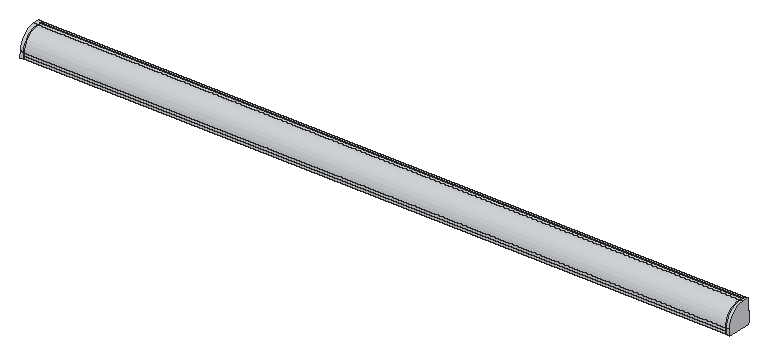
Revit family "Alcon-15255-Revit-Family", category Generic Models, host Face, Revit 2025
Family settings
  Host = Face
  Can host rebar = No
  Round Connector Dimension = Use Diameter
  Part Type = Normal
  Cut with Voids When Loaded = No
  Maintain Annotation Orientation = No
  Shared = No
  Room Calculation Point = No
Parameters (values of type "2'")
  Lens = none
  Length Dimension = 2' - 0"
  Housing = none
  Default Elevation = 4' - 0"
Types (6): name | Length Dimension
  (no name) | 2' - 0"
  2' | 2' - 0"
  3' | 3' - 0"
  4' | 4' - 0"
  6' | 8' - 0"
  8' | 8' - 0"
Reference planes (in)
  plane 1 "Center (Front/Back)": y = 0
  plane 2: z = 0
  plane 3 "Center (Left/Right)": x = 0
Forms (in)
  Extrusion 1, solid, material <- "Housing"
    sketch origin (0.125, 0, 0) x (0, 1, 0) y (0, 0, 1)
      loop
        arc (-0.03496, 0) -> (-0.01024, 0.01024) -> (0, 0.03496) r 0.03496
        line (0, 0.03496) -> (0, 0.79) -> (-0.09567, 0.79) -> (-0.09567, 0.73665) -> (-0.12902, 0.73665) -> (-0.12902, 0.7016) -> (-0.03962, 0.7016) -> (-0.03962, 0.44606) -> (-0.44516, 0.04052) -> (-0.70339, 0.04052) -> (-0.70339, 0.13357) -> (-0.73671, 0.13357) -> (-0.73671, 0.0949) -> (-0.79, 0.0949) -> (-0.79, 0) -> (-0.03496, 0)
      loop
        arc (-0.07518, 0.04052) -> (-0.05004, 0.05094) -> (-0.03962, 0.07608) r 0.03555
        line (-0.03962, 0.07608) -> (-0.03962, 0.33187)
        arc (-0.03962, 0.33187) -> (-0.05382, 0.35312) -> (-0.07889, 0.34814) r 0.023
        line (-0.07889, 0.34814) -> (-0.34591, 0.08111)
        arc (-0.34591, 0.08111) -> (-0.35107, 0.0552) -> (-0.3291, 0.04052) r 0.02378
        line (-0.3291, 0.04052) -> (-0.07518, 0.04052)
    from 0 to 23.75
  Extrusion 2, solid, material <- "Housing"
    sketch origin (0, 0, 0) x (0, 1, 0) y (0, 0, 1)
      loop
        line (0, 0.03496) -> (0, 0.79) -> (-0.20156, 0.79)
        arc (-0.20156, 0.79) -> (-0.61765, 0.61765) -> (-0.79, 0.20156) r 0.58844
        line (-0.79, 0.20156) -> (-0.79, 0) -> (-0.03496, 0)
        arc (-0.03496, 0) -> (-0.01024, 0.01024) -> (0, 0.03496) r 0.03496
    from 0 to 0.125
  Extrusion 3, solid, material <- "Lens"
    sketch origin (0.125, 0, 0) x (0, 1, 0) y (0, 0, 1)
      loop
        line (-0.1052, 0.79) -> (-0.20156, 0.79)
        arc (-0.20156, 0.79) -> (-0.61765, 0.61765) -> (-0.79, 0.20156) r 0.58844
        line (-0.79, 0.20156) -> (-0.79, 0.10369) -> (-0.74258, 0.10369) -> (-0.74258, 0.20156)
        arc (-0.74258, 0.20156) -> (-0.58412, 0.58412) -> (-0.20156, 0.74258) r 0.54102
        line (-0.20156, 0.74258) -> (-0.1052, 0.74258) -> (-0.1052, 0.79)
    from 0 to 23.75
  Extrusion 4, solid, material <- "Housing"
    sketch origin (23.875, 0, 0) x (0, 1, 0) y (0, 0, -1)
      loop
        arc (0, -0.03496) -> (-0.01024, -0.01024) -> (-0.03496, 0) r 0.03496
        line (-0.03496, 0) -> (-0.79, 0) -> (-0.79, -0.20156)
        arc (-0.79, -0.20156) -> (-0.61765, -0.61765) -> (-0.20156, -0.79) r 0.58844
        line (-0.20156, -0.79) -> (0, -0.79) -> (0, -0.03496)
    from 0 to -0.125
Dimensions and locks (in)
  "Length Dimension": Extrusion 2 to Extrusion 4
  locked: Extrusion 4 to Extrusion 4 at 0.125
  locked: Extrusion 2 to Extrusion 2 at 0.125
  aligned and locked: plane 2 to host face
  aligned and locked: level to host face
  aligned and locked: Extrusion 3 to Extrusion 4
  aligned and locked: Extrusion 1 to Extrusion 4
Automatic sketch dimensions
  host sketch curve to host sketch curve = 8' - 0"  (x2)
  Extrusion 1 sketch curve to Extrusion 2 = 0' - 0"  (x2)
  Extrusion 1 sketch curve to Extrusion 2 = 0' - 0.05329"
  Extrusion 1 sketch curve to Extrusion 1 sketch curve = 0' - 0.03332"
  Extrusion 1 sketch curve to Extrusion 2 = 0' - 0.04052"  (x2)
  Extrusion 1 sketch curve to Extrusion 1 sketch curve = 0' - 0.25823"
  Extrusion 1 sketch curve to Extrusion 2 = 0' - 0.08111"
  Extrusion 1 sketch curve to Extrusion 1 sketch curve = 0' - 0.09924"
  Extrusion 1 sketch curve to Extrusion 1 sketch curve = 0' - 0.01681"
  Extrusion 1 sketch curve to Extrusion 2 = 0' - 0.12902"
  Extrusion 1 sketch curve to Extrusion 1 sketch curve = 0' - 0.03335"
  Extrusion 1 sketch curve to Extrusion 2 = 0' - 0.07889"
  Extrusion 1 sketch curve to Extrusion 1 sketch curve = 0' - 0.04021"
  Extrusion 1 sketch curve to Extrusion 1 sketch curve = 0' - 0.01626"
  Extrusion 1 sketch curve to Extrusion 2 = 0' - 0.03962"
  Extrusion 1 sketch curve to Extrusion 1 sketch curve = 0' - 0.023"
  Extrusion 1 sketch curve to Extrusion 1 sketch curve = 0' - 0.0949"
  Extrusion 1 sketch curve to Extrusion 1 sketch curve = 0' - 0.03867"
  Extrusion 1 sketch curve to Extrusion 1 sketch curve = 0' - 0.2558"
  Extrusion 1 sketch curve to Extrusion 1 sketch curve = 0' - 0.09792"
  Extrusion 1 sketch curve to Extrusion 2 = 0' - 0.0884"
  Extrusion 1 sketch curve to Extrusion 1 sketch curve = 0' - 0.03505"
  Extrusion 2 sketch curve to level = 0' - 0"
  Extrusion 2 sketch curve to plane 1 "Center (Front/Back)" = 0' - 0"
  plane 1 "Center (Front/Back)" to Extrusion 2 sketch curve = 0' - 0.03496"
  plane 1 "Center (Front/Back)" to Extrusion 2 sketch curve = 0' - 0.20156"
  Extrusion 2 sketch curve to Extrusion 2 sketch curve = 0' - 0.58844"
  level to Extrusion 2 sketch curve = 0' - 0.20156"
  Extrusion 3 sketch curve to Extrusion 3 sketch curve = 0' - 0.09635"
  Extrusion 3 sketch curve to Extrusion 3 sketch curve = 0' - 0.09786"
  Extrusion 4 sketch curve to level = 0' - 0"
  Extrusion 4 sketch curve to plane 1 "Center (Front/Back)" = 0' - 0"
  plane 1 "Center (Front/Back)" to Extrusion 4 sketch curve = 0' - 0.03496"
  plane 1 "Center (Front/Back)" to Extrusion 4 sketch curve = 0' - 0.20156"
  Extrusion 4 sketch curve to Extrusion 4 sketch curve = 0' - 0.58844"
  level to Extrusion 4 sketch curve = 0' - 0.20156"
  radius of Extrusion 1 sketch curve to Extrusion 2 = 0' - 0"
  radius of Extrusion 3 sketch curve to Extrusion 2 = 0' - 0"
  radius of Extrusion 3 sketch curve to Extrusion 2 = 0' - 0.04742"
